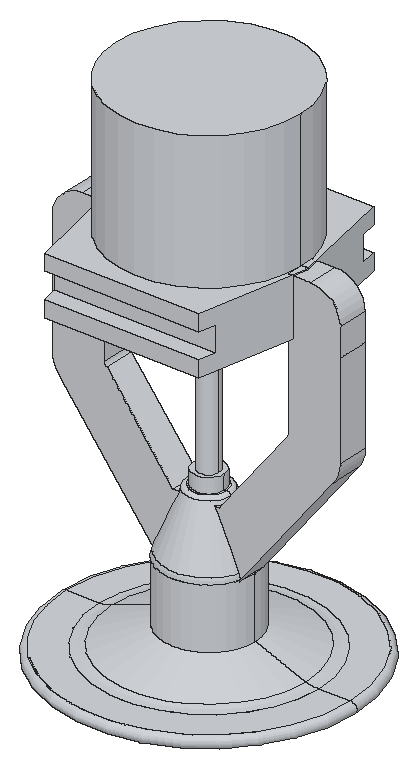
Revit family
Parameters (values of type "RASCO J112 PENDENT")
  Temperature Rating = 200 °F
  Response = 1
  RASCO SIN # = "RA7216"
  RASCO Part # = "J112P2W"
  Pressure Rating = "175 PSI"
  Pressure Class = (empty or 0)
  Orifice Size = 3/4"
  Orifice = (empty or 0)
  Model = "J112"
  Manufacturer = "RASCO"
  K-Factor = 11.2
  Description = "WHITE FINISH"
  Coverage = (empty or 0)
Reference planes (in)
  plane 1 "Center (Front/Back)": y = 0
  plane 2: z = 0
  plane 3 "Center (Left/Right)": x = 0
Nested families (in)
  nested 1: "J112P2W" at (0, 0, 2.95) x (-1, 0, 0) z (0, 0, -1), type "RASCO J112 PENDENT"
Connectors (in)
  piping at (0, 0, 2.95)
    settings: on nested 1, index 1, connector radius 1/2", flow factor 0, pipe flow 0 GPM, pressure drop 0.00 psi, fitting loss kfactor 0, connector angle 0.00°, fixture units 0, flow configuration 0, flow direction 0, fitting loss method 0, system type 7, connector reference index -1, connector utility 0, adjustable connector no, is connector primary yes, fitting loss table "", connector description ""
Definition of nested family "J112P2W"
  Parameters (values of type "RASCO J112 PENDENT")
    Type Comments = ""
    Temperature Rating = 0 °F
    Response = (empty or 0)
    Pressure Rating = "0"
    Pressure Class = (empty or 0)
    Orifice Size = 0"
    Orifice = (empty or 0)
    Model = ""
    Manufacturer = ""
    K-Factor = 0
    Description = ""
    Coverage = (empty or 0)
    Assembly Code = ""
  Reference planes (in)
    plane 1 "Center (Front/Back)": y = 0
    plane 2: z = 0
    plane 3 "REF.1": z = 0.773
    plane 4 "top": z = 2.8125
    plane 5: x = -0.81624
    plane 6: x = 0.81332
    plane 7 "ref.2": z = 2.098
    plane 8 "head": z = 2.6725
    plane 9 "left/right center": x = 0
    plane 10 "screw": z = 1.98251
    plane 11 "bulb": z = 1.098
    plane 12: z = 2.95
  Forms (in)
    Extrusion 1, solid
      sketch origin (0, 0, 0) x (1, 0, 0) y (0, 1, 0)
        loop
          circle (0, 0) r 0.5221
      from 0 to 0.773
    Extrusion 2, solid
      sketch origin (0, 0, 0.773) x (-1, 0, 0) y (0, -1, 0)
        loop
          line (-0.43619, -0.62052) -> (0.4375, -0.62052) -> (0.56391, 0) -> (0.4375, 0.62052) -> (-0.43619, 0.62052) -> (-0.56259, 0) -> (-0.43619, -0.62052)
      from 0 to 0.325
    Extrusion 3, void
      sketch origin (0, 0, 0) x (1, 0, 0) y (0, 0, 1)
        loop
          line (-0.56391, 1.00774) -> (-0.56391, 0.86298) -> (0.56259, 0.86298) -> (0.56259, 1.00774) -> (-0.56391, 1.00774)
      from 0.52148 to 0.62052
    Extrusion 4, solid
      sketch origin (0, 0, 0) x (1, 0, 0) y (0, 0, 1)
        loop
          line (-0.5221, 0.773) -> (-0.5221, 1.098) -> (-0.5221, 1.58091)
          arc (-0.5221, 1.58091) -> (-0.5194, 1.59708) -> (-0.51161, 1.61149) r 0.04979
          line (-0.51161, 1.61149) -> (-0.13316, 2.098) -> (-0.00066, 2.098) -> (0.13184, 2.098) -> (0.5115, 1.61158)
          arc (0.5115, 1.61158) -> (0.51938, 1.59706) -> (0.5221, 1.58077) r 0.05007
          line (0.5221, 1.58077) -> (0.5221, 1.098) -> (0.5221, 0.773) -> (0.64763, 0.773)
          arc (0.64763, 0.773) -> (0.76676, 0.82234) -> (0.8161, 0.94147) r 0.16847
          line (0.8161, 0.94147) -> (0.8161, 1.098) -> (0.8161, 1.63725)
          arc (0.8161, 1.63725) -> (0.80631, 1.69579) -> (0.77801, 1.74796) r 0.17993
          line (0.77801, 1.74796) -> (0.18552, 2.50706) -> (-0.18743, 2.50706) -> (-0.77818, 1.74764)
          arc (-0.77818, 1.74764) -> (-0.80636, 1.69554) -> (-0.8161, 1.63712) r 0.18
          line (-0.8161, 1.63712) -> (-0.8161, 1.098) -> (-0.8161, 0.94094)
          arc (-0.8161, 0.94094) -> (-0.76691, 0.82219) -> (-0.64816, 0.773) r 0.16794
          line (-0.64816, 0.773) -> (-0.5221, 0.773)
      from -0.08649 to 0.08732
    Extrusion 5, void
      sketch origin (0.00728, 1.142, 0) x (1, 0, 0) y (0, 0, 1)
        loop
          line (-0.56391, 1.00774) -> (-0.56391, 0.86298) -> (0.56259, 0.86298) -> (0.56259, 1.00774) -> (-0.56391, 1.00774)
      from 0.52148 to 0.62052
    Revolve 6, solid
      sketch origin (0, 0, 0) x (1, 0, 0) y (0, 0, 1)
        loop
          line (-0.00066, 2.8125) -> (-0.24139, 2.8125)
          arc (-0.24139, 2.8125) -> (-0.25522, 2.80677) -> (-0.26095, 2.79293) r 0.01957
          line (-0.26095, 2.79293) -> (-0.26095, 2.42899)
          arc (-0.26095, 2.42899) -> (-0.25939, 2.41285) -> (-0.25476, 2.3973) r 0.08419
          line (-0.25476, 2.3973) -> (-0.12582, 2.07995)
          arc (-0.12582, 2.07995) -> (-0.11591, 2.06775) -> (-0.10088, 2.06316) r 0.02692
          line (-0.10088, 2.06316) -> (-0.00066, 2.06316) -> (-0.00066, 2.8125)
        axis (-0.00066, 2.8125) -> (-0.00066, 2.06316)
      angle from 0 to 360
    Extrusion 7, solid
      sketch origin (0, 0, 2.8125) x (-1, 0, 0) y (0, -1, 0)
        loop
          circle (0.00095, 0) r 0.18173
      from 0 to 0.01153
    Extrusion 8, solid
      sketch origin (0, 0, 1.98251) x (-1, 0, 0) y (0, -1, 0)
        loop
          circle (0, 0) r 0.087
      from 0 to 0.0806
    Extrusion 9, solid
      sketch origin (0, 0, 1.098) x (-1, 0, 0) y (0, -1, 0)
        loop
          circle (0, 0) r 0.05954
      from 0 to 0.88451
    Revolve 10, solid
      sketch origin (0, 0, 0) x (1, 0, 0) y (0, 0, 1)
        loop
          arc (-0.80541, 2.95) -> (-0.83791, 2.91744) -> (-0.80529, 2.885) r 0.0325
          line (-0.80529, 2.885) -> (-0.6226, 2.885)
          arc (-0.6226, 2.885) -> (-0.58658, 2.88196) -> (-0.55157, 2.87291) r 0.21476
          line (-0.55157, 2.87291) -> (-0.20963, 2.75307)
          arc (-0.20963, 2.75307) -> (-0.1935, 2.7489) -> (-0.1769, 2.7475) r 0.09897
          line (-0.1769, 2.7475) -> (-0.00095, 2.7475) -> (-0.00095, 2.8125) -> (-0.1642, 2.8125)
          arc (-0.1642, 2.8125) -> (-0.18242, 2.81404) -> (-0.20012, 2.81861) r 0.10861
          line (-0.20012, 2.81861) -> (-0.53776, 2.93695)
          arc (-0.53776, 2.93695) -> (-0.57556, 2.94671) -> (-0.61446, 2.95) r 0.23187
          line (-0.61446, 2.95) -> (-0.80541, 2.95)
        axis (0, 2.95) -> (0, 2.7475)
      angle from 0 to 360
  Cuts and joins
    Extrusion 3, Extrusion 5 cuts Extrusion 2
  Dimensions and locks (in)
    plane 12 to level = 0' - 2.95"
